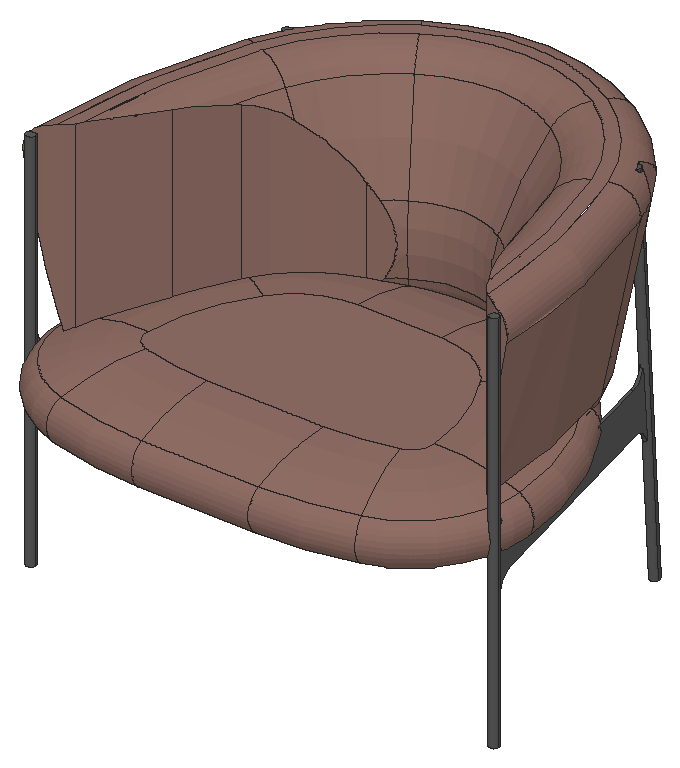
Revit family "revitupgrade", category Furniture, Revit 2025
Family settings
  OmniClass Number = 23.40.70.14.64.11
  OmniClass Title = Office Furniture
  Work Plane-Based = No
  Enable Cutting in Views = No
  Always vertical = Yes
  Cut with Voids When Loaded = No
  Render Appearance Source = Family Geometry
  Shared = No
  Room Calculation Point = No
Parameters (values of type "Lounge")
  URL = "https://www.steelcase.com/asia-en/products/lounge-chairs/sepal-lounge-chair/"
  Seat [instance] = Wendelbo - Fabric - Red Cover
  Style Number(s) = "WBOSEPLC"
  Release Date = "February 2023"  # constant formula
  Manufacturer = "Wendelbo"  # constant formula
  Description = "Sepal is family of products that share an aesthetic and functional DNA. "  # constant formula
  Default Elevation = 0.00 mm
  Copyright = "© 2010 Steelcase Inc."  # constant formula
  Base [instance] = Wedelbo - Metal - Black Powder Coated
  Assembly Code = "E2020200"
Reference planes
  plane 1 "Center Front/Back": y = 0
  plane 2 "Bottom": z = 0
  plane 3 "Center Left/Right": x = 0
Forms (mm)
  Blend 1, solid, material "Wedelbo - Metal - Black Powder Coated" <- "Base"
    base sketch origin (-350, 0, 0) x (1, 0, 0) y (0, 1, 0)
      loop
        circle (629.387, 646.798) r 8
    top sketch origin (-350, 0, 0) x (1, 0, 0) y (0, 1, 0)
      loop
        circle (649.106, 582.725) r 8
    from 0 to 667.282
  Extrusion 2, solid, material "Wedelbo - Metal - Black Powder Coated" <- "Base"
    sketch origin (0, 0, 0) x (1, 0, 0) y (0, 1, 0)
      loop
        circle (-397.376, 155.63) r 8
      loop
        circle (397.376, 155.63) r 8
    from 0 to 659.765
  Blend 3, solid, material "Wedelbo - Metal - Black Powder Coated" <- "Base"
    base sketch origin (350, 0, 0) x (-1, 0, 0) y (0, 0, -1)
      loop
        circle (580.919, -265.232) r 8
    top sketch origin (350, 0, 0) x (-1, 0, 0) y (0, 0, -1)
      loop
        circle (677.24, -265.232) r 8
    from -552.345 to -227.58
  Extrusion 4, solid, material "Wedelbo - Metal - Black Powder Coated" <- "Base"
    sketch origin (0, 0, 0) x (1, 0, 0) y (0, 0, 1)
      loop
        line (-380.82, 295.321) -> (-380.82, 253.659) -> (380, 253.659) -> (380, 295.321)
        arc (380, 295.321) -> (374.577, 282.228) -> (361.484, 276.805) r 18.516
        line (361.484, 276.805) -> (-362.303, 276.805)
        arc (-362.303, 276.805) -> (-375.396, 282.228) -> (-380.82, 295.321) r 18.516
    from -227.58 to -222.58
  Extrusion 5, solid, material "Wedelbo - Metal - Black Powder Coated" <- "Base"
    sketch origin (0, 329.765, 0) x (1, 0, 0) y (0, 0, 1)
      loop
        line (-300.69, 295.321) -> (-300.69, 253.659) -> (302.306, 253.659) -> (302.306, 295.321)
        arc (302.306, 295.321) -> (296.882, 282.228) -> (283.789, 276.805) r 18.516
        line (283.789, 276.805) -> (-282.173, 276.805)
        arc (-282.173, 276.805) -> (-295.266, 282.228) -> (-300.69, 295.321) r 18.516
    from -227.58 to -222.58
  Extrusion 6, solid, material "Wedelbo - Metal - Black Powder Coated" <- "Base"
    sketch origin (297.851, -168.31, 0) x (0.232268, 0.972652, 0) y (0, 0, -1)
      loop
        arc (197.92, -252.841) -> (171.915, -242.069) -> (161.144, -216.064) r 36.777
        line (161.144, -216.064) -> (161.144, -361.67)
        arc (161.144, -361.67) -> (171.915, -335.665) -> (197.92, -324.893) r 36.777
        line (197.92, -324.893) -> (588.381, -324.893)
        arc (588.381, -324.893) -> (609.241, -333.533) -> (617.881, -354.393) r 29.5
        line (617.881, -354.393) -> (630.056, -215.233)
        arc (630.056, -215.233) -> (619.041, -241.826) -> (592.448, -252.841) r 37.608
        line (592.448, -252.841) -> (197.92, -252.841)
    from 748.846 to 754.127
  Sweep 7, solid, material "Wendelbo - Fabric - Red Cover" <- "Seat"
    path origin (0, 0, 0) x (1, 0, 0) y (0, 1, 0)
      loop
        line (71.998, 612.079) -> (-71.998, 612.079)
        arc (-71.998, 612.079) -> (-210.876, 577.999) -> (-318.2, 483.5) r 300
        arc (-318.2, 483.5) -> (-380.25, 361.775) -> (-407.106, 227.811) r 500.98
        arc (-407.106, 227.811) -> (-371.332, 100.923) -> (-264.361, 23.866) r 200
        arc (-264.361, 23.866) -> (-183.042, 5.998) -> (-100, 0) r 577.903
        line (-100, 0) -> (100, 0)
        arc (100, 0) -> (183.042, 5.998) -> (264.361, 23.866) r 577.903
        arc (264.361, 23.866) -> (371.332, 100.923) -> (407.106, 227.811) r 200
        arc (407.106, 227.811) -> (380.25, 361.775) -> (318.2, 483.5) r 500.98
        arc (318.2, 483.5) -> (210.876, 577.999) -> (71.998, 612.079) r 300
    profile origin (0, 612.079, 0) x (0, -1, 0) y (0, 0, 1)
      loop
        arc (161.782, 382.939) -> (90.539, 375.134) -> (22.675, 352.091) r 329.075
        arc (22.675, 352.091) -> (0.532, 307.181) -> (39.584, 275.841) r 40
        line (39.584, 275.841) -> (176.782, 275.841) -> (176.782, 382.939) -> (161.782, 382.939)
  Sweep 8, solid, material "Wendelbo - Fabric - Red Cover" <- "Seat"
    path origin (0, 0, 0) x (1, 0, 0) y (0, 1, 0)
      loop
        arc (-403.222, 0) -> (-405.335, 269.697) -> (-342.895, 532.074) r 1119.67
        arc (-342.895, 532.074) -> (-278.968, 644.369) -> (-182.418, 730.247) r 397.748
        arc (-182.418, 730.247) -> (0, 783.077) -> (182.418, 730.247) r 341.349
        arc (182.418, 730.247) -> (278.968, 644.369) -> (342.895, 532.074) r 397.748
        arc (342.895, 532.074) -> (405.335, 269.697) -> (403.222, 0) r 1119.67
    profile origin (0, 783.077, 0) x (0, 1, 0) y (0, 0, 1)
      loop
        arc (2.572, 620.806) -> (-6.879, 658.016) -> (-41.602, 674.393) r 45
        line (-41.602, 674.393) -> (-64.092, 674.393)
        arc (-64.092, 674.393) -> (-96.663, 666.353) -> (-121.753, 644.081) r 70
        arc (-121.753, 644.081) -> (-164.839, 570.506) -> (-196.752, 491.441) r 583.974
        arc (-196.752, 491.441) -> (-206.777, 432.711) -> (-200.002, 373.518) r 211.223
        arc (-200.002, 373.518) -> (-172.121, 331.358) -> (-124.284, 315.034) r 78.258
        line (-124.284, 315.034) -> (-85.716, 315.034)
        arc (-85.716, 315.034) -> (-63.453, 323.028) -> (-51.359, 343.356) r 35
        line (-51.359, 343.356) -> (2.572, 620.806)
  Blend 9, solid, material "Wedelbo - Metal - Black Powder Coated" <- "Base"
    base sketch origin (350, 0, 0) x (-1, 0, 0) y (0, -1, 0)
      loop
        circle (629.387, -646.798) r 8
    top sketch origin (350, 0, 0) x (-1, 0, 0) y (0, -1, 0)
      loop
        circle (649.106, -582.725) r 8
    from 0 to 667.282
  Extrusion 10, solid, material "Wedelbo - Metal - Black Powder Coated" <- "Base"
    sketch origin (-297.851, -168.31, 0) x (-0.232268, 0.972652, 0) y (0, 0, 1)
      loop
        line (197.92, 252.841) -> (592.448, 252.841)
        arc (592.448, 252.841) -> (619.041, 241.826) -> (630.056, 215.233) r 37.608
        line (630.056, 215.233) -> (617.881, 354.393)
        arc (617.881, 354.393) -> (609.241, 333.533) -> (588.381, 324.893) r 29.5
        line (588.381, 324.893) -> (197.92, 324.893)
        arc (197.92, 324.893) -> (171.915, 335.665) -> (161.144, 361.67) r 36.777
        line (161.144, 361.67) -> (161.144, 216.064)
        arc (161.144, 216.064) -> (171.915, 242.069) -> (197.92, 252.841) r 36.777
    from 748.846 to 754.127
  Blend 11, solid, material "Wedelbo - Metal - Black Powder Coated" <- "Base"
    base sketch origin (-350, 0, 0) x (1, 0, 0) y (0, 0, 1)
      loop
        circle (580.919, 265.232) r 8
    top sketch origin (-350, 0, 0) x (1, 0, 0) y (0, 0, 1)
      loop
        circle (677.24, 265.232) r 8
    from -552.345 to -227.58
  Extrusion 12, solid, material "Wendelbo - Fabric - Red Cover" <- "Seat"
    sketch origin (0, 0, 0) x (1, 0, 0) y (0, 1, 0)
      loop
        arc (-71.998, 435.297) -> (-129.039, 421.299) -> (-173.119, 382.486) r 123.218
        arc (-173.119, 382.486) -> (-213.274, 303.714) -> (-230.654, 217.023) r 324.198
        arc (-230.654, 217.023) -> (-226.501, 202.293) -> (-214.083, 193.348) r 23.218
        arc (-214.083, 193.348) -> (-157.639, 180.945) -> (-100, 176.782) r 401.121
        line (-100, 176.782) -> (100, 176.782)
        arc (100, 176.782) -> (157.639, 180.945) -> (214.083, 193.348) r 401.121
        arc (214.083, 193.348) -> (226.501, 202.293) -> (230.654, 217.023) r 23.218
        arc (230.654, 217.023) -> (213.274, 303.714) -> (173.119, 382.486) r 324.198
        arc (173.119, 382.486) -> (129.039, 421.299) -> (71.998, 435.297) r 123.218
        line (71.998, 435.297) -> (-71.998, 435.297)
    from 276.805 to 382.939
  Extrusion 13, void
    sketch origin (0, 0, 0) x (1, 0, 0) y (0, 1, 0)
      loop
        arc (-125.576, 534.267) -> (-198.403, 489.36) -> (-249.51, 420.743) r 227.657
        arc (-249.51, 420.743) -> (-271.225, 372.927) -> (-290.537, 324.09) r 1056.447
        arc (-290.537, 324.09) -> (-318.534, 258.376) -> (-353.081, 195.856) r 700.082
        arc (-353.081, 195.856) -> (-397.996, 163.639) -> (-452.536, 172.618) r 72.219
        line (-452.536, 172.618) -> (-452.536, -207.382) -> (452.536, -207.382) -> (452.536, 172.618)
        arc (452.536, 172.618) -> (397.996, 163.639) -> (353.081, 195.856) r 72.219
        arc (353.081, 195.856) -> (318.534, 258.376) -> (290.537, 324.09) r 700.082
        arc (290.537, 324.09) -> (271.225, 372.927) -> (249.51, 420.743) r 1056.447
        arc (249.51, 420.743) -> (198.403, 489.36) -> (125.576, 534.267) r 227.657
        arc (125.576, 534.267) -> (0, 557.346) -> (-125.576, 534.267) r 353.179
      loop
        arc (-357.535, 549.026) -> (-328.401, 576.558) -> (-292.771, 594.928) r 143.074
        arc (-292.771, 594.928) -> (-288.224, 640.593) -> (-266.458, 680.995) r 116.974
        line (-266.458, 680.995) -> (-300.873, 730.144) -> (-423.992, 643.935) -> (-357.535, 549.026)
      loop
        line (357.535, 549.026) -> (423.992, 643.935) -> (300.873, 730.144) -> (266.458, 680.995)
        arc (266.458, 680.995) -> (288.224, 640.593) -> (292.771, 594.928) r 116.974
        arc (292.771, 594.928) -> (328.401, 576.558) -> (357.535, 549.026) r 143.074
    from 0 to 1109.077
Cuts and joins
  joined: Sweep 7, Extrusion 12
  Extrusion 13 cuts Sweep 8
Lines and regions (mm)
  Masking region 1
    outline origin (0, 0, 0) x (1, 0, 0) y (0, 1, 0)
      loop
        arc (-136.631, 756.65) -> (-276.122, 652.656) -> (-359.691, 500.049) r 408.542
        arc (-359.691, 500.049) -> (-397.848, 332.62) -> (-414.887, 161.746) r 1378.12
        arc (-414.887, 161.746) -> (-379.532, 170.735) -> (-353.081, 195.856) r 72.219
        arc (-353.081, 195.856) -> (-318.534, 258.376) -> (-290.537, 324.09) r 700.082
        arc (-290.537, 324.09) -> (-271.225, 372.927) -> (-249.51, 420.743) r 1056.447
        arc (-249.51, 420.743) -> (-198.403, 489.36) -> (-125.576, 534.267) r 227.657
        arc (-125.576, 534.267) -> (0, 557.346) -> (125.576, 534.267) r 353.179
        arc (125.576, 534.267) -> (198.403, 489.36) -> (249.51, 420.743) r 227.657
        arc (249.51, 420.743) -> (271.225, 372.927) -> (290.537, 324.09) r 1056.447
        arc (290.537, 324.09) -> (318.534, 258.376) -> (353.081, 195.856) r 700.082
        arc (353.081, 195.856) -> (379.532, 170.735) -> (414.887, 161.746) r 72.219
        arc (414.887, 161.746) -> (397.848, 332.62) -> (359.691, 500.049) r 1378.12
        arc (359.691, 500.049) -> (276.122, 652.656) -> (136.631, 756.65) r 408.542
        arc (136.631, 756.65) -> (0, 786.204) -> (-136.631, 756.65) r 330.607
  Masking region 2
    outline origin (0, 0, 0) x (1, 0, 0) y (0, 1, 0)
      loop
        arc (-125.576, 534.267) -> (-198.403, 489.36) -> (-249.51, 420.743) r 227.657
        arc (-249.51, 420.743) -> (-271.225, 372.927) -> (-290.537, 324.09) r 1056.447
        arc (-290.537, 324.09) -> (-318.534, 258.376) -> (-353.081, 195.856) r 700.082
        arc (-353.081, 195.856) -> (-373.131, 174.717) -> (-399.901, 163.221) r 72.219
        arc (-399.901, 163.221) -> (-290.575, 44.081) -> (-135, 0) r 296.573
        line (-135, 0) -> (135, 0)
        arc (135, 0) -> (290.575, 44.081) -> (399.901, 163.221) r 296.573
        arc (399.901, 163.221) -> (373.131, 174.717) -> (353.081, 195.856) r 72.219
        arc (353.081, 195.856) -> (318.534, 258.376) -> (290.537, 324.09) r 700.082
        arc (290.537, 324.09) -> (271.225, 372.927) -> (249.51, 420.743) r 1056.447
        arc (249.51, 420.743) -> (198.403, 489.36) -> (125.576, 534.267) r 227.657
        arc (125.576, 534.267) -> (0, 557.346) -> (-125.576, 534.267) r 353.179
Dimensions and locks
  aligned and locked: level to plane 2 "Bottom"
